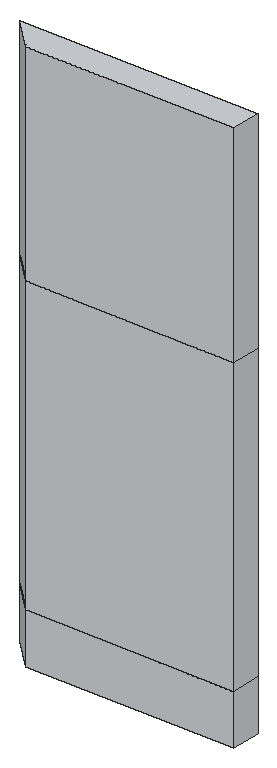
Revit family "EXP_WT-1C_CPan-017", category Curtain Panels, Revit 2021
Family settings
  OmniClass Number = 23.25.20.14.11.11.17
  OmniClass Title = Infill Panels
  Always vertical = Yes
  Cut with Voids When Loaded = No
  Shared = No
Parameters (values of type "H2 = 8'  5 1/2"")
  UI-UnitNumber [instance] = "01"
  UI-Quadrant [instance] = "SE"
  UI-ProjectAbbreviation = "NEU"
  UI-ItemCategory = "PID"
  UI-FloorNumber [instance] = "03"
  PNT-WallType = "WT1A"
  PNT-ProjectAbbreviation = "NEU"
  PNT-PanelType [instance] = "01"
  PNT-ItemCategory = "PNL"
  GlassH3 [instance] = none
  GlassH2 [instance] = none
  GlassH1 [instance] = none
  Define Thermal Properties by = Schematic Type
  CellSp = 0' - 10 3/16"
  CellL [instance] = 6' - 10"
  CellH3 [instance] = CellH - (CellH1 + CellH2)  # 1' - 5 1/2"
  CellH2 = 8' - 5 1/2"
  CellH1 = 6' - 0 1/2"
  CellH [instance] = 15' - 11 1/2"
  CellAngle = 45.00°
  Analytic Construction = "<None>"
Reference planes (in)
  plane 1 "Center (Front/Back)": y = 0
  plane 2: z = 0
  plane 3 "Center (Left/Right)": x = 0
  plane 4 "Left": x = -41
  plane 5 "Right": x = 41
  plane 6 "Top": z = 191.5
  plane 7: z = 119
  plane 8: y = -10.1875
  plane 9: z = 17.5
Forms (in)
  Extrusion 1, solid, material <- "GlassH3"
    sketch origin (0, 0, 0) x (1, 0, 0) y (0, 1, 0)
      loop
        line (41, 0) -> (-41, 0) -> (-30.8125, -10.1875) -> (41, -10.1875) -> (41, 0)
    from 0 to 17.5
  Extrusion 2, solid, material <- "GlassH2"
    sketch origin (0, 0, 0) x (1, 0, 0) y (0, 1, 0)
      loop
        line (41, 0) -> (-41, 0) -> (-30.8125, -10.1875) -> (41, -10.1875) -> (41, 0)
    from 17.5 to 119
  Extrusion 3, solid, material <- "GlassH1"
    sketch origin (0, 0, 0) x (1, 0, 0) y (0, 1, 0)
      loop
        line (41, 0) -> (-41, 0) -> (-30.8125, -10.1875) -> (41, -10.1875) -> (41, 0)
    from 119 to 191.5
Lines and regions (in)
  reference lines
    curve 1: line (-41, 0, 0) -> (4.25483, -45.25483, 0)
Text (in)
  text "Exterior" at (-92.59733, 55.75508, 0), in view "Ref. Level"
  text "Exterior" at (0, 90.18664, 173.49264), in view "Left"
  text "Exterior" at (0, 52.29083, 162.21847), in view "Right"
Dimensions and locks (in)
  equal spacing: plane 4 "Left", plane 3 "Center (Left/Right)", plane 5 "Right"  (x2)
  "CellH1": plane 7 to plane 6 "Top"
  "CellH2": plane 9 to plane 7
  "CellH": plane 2 to plane 6 "Top"
  "CellSp": plane 8 to plane 1 "Center (Front/Back)"
  "CellL": plane 4 "Left" to plane 5 "Right"
  "CellH3": plane 2 to plane 9
  "CellAngle": angle curve 1 to plane 1 "Center (Front/Back)"
  aligned and locked: level to plane 2
  aligned and locked: Extrusion 1 sketch curve to plane 1 "Center (Front/Back)"
  aligned and locked: Extrusion 1 sketch curve to plane 8
  aligned and locked: Extrusion 1 sketch curve to plane 5 "Right"
  aligned and locked: Extrusion 1 sketch curve to curve 1
  aligned and locked: plane 9 to Extrusion 1
  aligned and locked: Extrusion 1 to plane 2
  aligned and locked: Extrusion 2 sketch curve to plane 1 "Center (Front/Back)"
  aligned and locked: Extrusion 2 sketch curve to plane 8
  aligned and locked: Extrusion 2 sketch curve to plane 5 "Right"
  aligned and locked: Extrusion 2 sketch curve to curve 1
  aligned and locked: plane 7 to Extrusion 2
  aligned and locked: Extrusion 2 to plane 9
  aligned and locked: Extrusion 3 sketch curve to plane 1 "Center (Front/Back)"
  aligned and locked: Extrusion 3 sketch curve to plane 8
  aligned and locked: Extrusion 3 sketch curve to plane 5 "Right"
  aligned and locked: Extrusion 3 sketch curve to curve 1
  aligned and locked: Extrusion 3 to plane 6 "Top"
  aligned and locked: Extrusion 3 to plane 7
  aligned and locked: nested 1 to plane 4 "Left"
  aligned and locked: nested 1 to plane 5 "Right"
  aligned and locked: nested 2 to Extrusion 3
  aligned and locked: nested 2 to level
  aligned and locked: plane 6 "Top" to nested 2
  aligned and locked: plane 1 "Center (Front/Back)" to nested 3
  aligned and locked: plane 2 to Extrusion 1
  aligned and locked: nested 3 to plane 6 "Top"
  aligned and locked: plane 4 "Left" to nested 3
  aligned and locked: plane 5 "Right" to nested 3
Automatic sketch dimensions
  plane 1 "Center (Front/Back)" to curve 1 = 0' - 0"
  curve 1 to plane 4 "Left" = 0' - 0"
Nested families (in)
  nested 1: "EXP_WT-1A_DetO-002" at (-41, 0, 0), CellAngle <- "CellAngle", type "EXP_WT-1A_DetO-002"
    with built-in parameter 1001306 6.8333 (stored number, unit not read), CellAngle 45.00°
  nested 2: "EXP_WT-1A_DetO-004" at (0, 0, 191.5) x (0, 0, -1) z (1, 0, 0), CellH1 <- "CellH1", CellH2 <- "CellH2", type "EXP_WT-1A_DetO-004"
    with built-in parameter 1001306 15.958 (stored number, unit not read), CellH2 8' - 5 1/2", CellH1 6' - 0 1/2"
  nested 3: "EXP_xx_DetO-002" at (0, 0, 0), CellH <- "CellH", CellL <- "CellL", type "EXP_xx_DetO-002", detail levels coarse
    with CellL 6' - 10", CellH 15' - 11 1/2"
Definition of nested family "EXP_WT-1A_DetO-002"
  Parameters (values of type "EXP_WT-1A_DetO-002")
    built-in parameter 1001306 [instance] = 5' - 2.99213"
    CellAngle [instance] = 45.00°
  Reference planes (in)
    plane 1 "Center (Front/Back)": y = 0
    plane 2: z = 0
    plane 3 "Left": x = 0
    plane 4 "Right": x = 62.99213
  Lines and regions (in)
    reference lines, in view "Ref. Level"
      curve 1: line (0, 0, 0) -> (62.99213, 0, 0)
      curve 17: line (0, 0, 0) -> (16.97056, -16.97056, 0)
    detail lines, in view "Ref. Level"
      curve 2: line (-0.30429, 0, 0) -> (-0.00849, 0, 0)
      curve 3: line (-0.30429, 0, 0) -> (-0.00849, 0, 0)
      curve 4: line (62.99213, -0.81795, 0) -> (62.99213, -10.1875, 0)
      curve 5: line (62.99213, -10.1875, 0) -> (60.99213, -10.1875, 0)
      curve 6: line (60.99213, -10.1875, 0) -> (60.99213, -2.43678, 0)
      curve 7: line (60.99213, -2.43678, 0) -> (62.44632, -2.43678, 0)
      curve 8: line (62.44632, -2.43678, 0) -> (62.44632, 0, 0)
      curve 9: line (62.44632, 0, 0) -> (62.74213, 0, 0)
      curve 10: line (62.74213, 0, 0) -> (62.74213, -0.81795, 0)
      curve 11: line (62.99213, -0.81795, 0) -> (62.74213, -0.81795, 0)
      curve 12: line (-0.30429, 0, 0) -> (-0.00849, 0, 0)
      curve 13: line (2.83381, 0, 0) -> (62.04971, 0, 0)
      curve 14: line (2.83381, -1.31, 0) -> (2.83381, 0, 0)
      curve 15: line (2.83381, -1.31, 0) -> (62.04971, -1.31, 0)
      curve 16: line (62.04971, -1.31, 0) -> (62.04971, 0, 0)
      curve 18: line (2.35972, -2.35972, 0) -> (10.125, -10.1875, 0)
      curve 19: line (12.59763, -10.1875, 0) -> (10.125, -10.1875, 0)
      curve 20: line (4.3571, -1.88308, 0) -> (12.59763, -10.1875, 0)
      curve 21: line (2.8356, -1.88308, 0) -> (4.3571, -1.88308, 0)
      curve 22: line (2.35972, -2.35972, 0) -> (2.8356, -1.88308, 0)
  Dimensions and locks (in)
    "built-in parameter 1001306": plane 3 "Left" to plane 4 "Right"
    "CellAngle": angle curve 17 to plane 1 "Center (Front/Back)"
    aligned and locked: plane 1 "Center (Front/Back)" to curve 1
    aligned and locked: plane 3 "Left" to curve 1
    aligned and locked: plane 4 "Right" to curve 1
    aligned and locked: curve 4 to plane 4 "Right"
    aligned and locked: curve 12 to curve 1
    aligned and locked: curve 1 to curve 13
    aligned and locked: curve 5 to curve 19
  Automatic sketch dimensions
    plane 1 "Center (Front/Back)" to curve 9 = 0' - 0"
    curve 2 to curve 2 = 0' - 0.2958"
    curve 7 to plane 4 "Right" = 0' - 2"
    curve 9 to plane 4 "Right" = 0' - 0.5458"
    curve 10 to curve 4 = 0' - 0 1/4"
    plane 1 "Center (Front/Back)" to curve 4 = 0' - 0.81795"
    curve 7 to curve 10 = 0' - 1.61883"
    curve 16 to curve 10 = 0' - 0.69242"
    curve 16 to curve 10 = 0' - 0.49205"
    curve 3 to curve 13 = 0' - 2.8423"
    curve 14 to curve 20 = 0' - 1.52329"
    curve 19 to curve 20 = 0' - 2.47263"
    curve 14 to curve 21 = 0' - 0.00179"
    curve 22 to curve 22 = 0' - 0.47588"
    curve 22 to curve 22 = 0' - 0.47664"
    plane 1 "Center (Front/Back)" to curve 21 = 0' - 1.88308"
    plane 3 "Left" to curve 20 = 1' - 0.59763"
    plane 3 "Left" to curve 21 = 0' - 4.3571"
    curve 5 to curve 6 = 0' - 7.75072"
Definition of nested family "EXP_WT-1A_DetO-004"
  Parameters (values of type "EXP_WT-1A_DetO-004")
    built-in parameter 1001306 [instance] = 12' - 11"
    CellH2 [instance] = 5' - 8"
    CellH1 [instance] = 3' - 3"
    CellH [instance] = 12' - 11"
  Reference planes (in)
    plane 1 "Center (Front/Back)": y = 0
    plane 2: z = 0
    plane 3 "Left": x = 0
    plane 4 "Right": x = 155
    plane 5: x = 39
    plane 6: x = 107
  Lines and regions (in)
    reference lines, in view "Ref. Level"
      curve 1: line (0, 0, 0) -> (155, 0, 0)
    detail lines, in view "Ref. Level"
      curve 2: line (37.25001, -10.1875, 0) -> (37.25001, -2.41263, 0)
      curve 3: line (37.25001, -2.41263, 0) -> (40.74999, -2.41263, 0)
      curve 4: line (40.74999, -2.41263, 0) -> (40.74999, -10.1875, 0)
      curve 5: line (40.74999, -10.1875, 0) -> (37.25001, -10.1875, 0)
      curve 6: line (39.27639, -2.185, 0) -> (39.27639, 0, 0)
      curve 7: line (39.27639, 0, 0) -> (106.72361, 0, 0)
      curve 8: line (106.72361, -2.185, 0) -> (39.27639, -2.185, 0)
      curve 9: line (38.52639, -1.31, 0) -> (38.52639, 0, 0)
      curve 10: line (38.52639, 0, 0) -> (1.19241, 0, 0)
      curve 11: line (38.52639, -1.31, 0) -> (1.19241, -1.31, 0)
      curve 12: line (0, -10.1875, 0) -> (2.125, -10.1875, 0)
      curve 13: line (0, -0.81812, 0) -> (0, -10.1875, 0)
      curve 14: line (0.5, 0, 0) -> (0.5, -0.81812, 0)
      curve 15: line (0.5, 0, 0) -> (0.7958, 0, 0)
      curve 16: line (0, -0.81812, 0) -> (0.5, -0.81812, 0)
      curve 17: line (0.7958, -2.43676, 0) -> (0.7958, 0, 0)
      curve 18: line (2.125, -2.43676, 0) -> (0.7958, -2.43676, 0)
      curve 19: line (2.125, -10.1875, 0) -> (2.125, -2.43676, 0)
      curve 20: line (1.19241, -1.31, 0) -> (1.19241, 0, 0)
      curve 21: line (155, 60, 0) -> (155, -10.1875, 0)
      curve 22: line (155, -10.1875, 0) -> (151.625, -10.1875, 0)
      curve 23: line (151.625, -10.1875, 0) -> (151.625, -2.43679, 0)
      curve 24: line (151.625, -2.43679, 0) -> (154.2042, -2.43679, 0)
      curve 25: line (154.2042, -2.43679, 0) -> (154.2042, 0, 0)
      curve 26: line (154.5, 0, 0) -> (154.5, -0.81812, 0)
      curve 27: line (154.2042, 0, 0) -> (154.5, 0, 0)
      curve 28: line (155, -0.81812, 0) -> (154.5, -0.81812, 0)
      curve 29: line (155, -0.81812, 0) -> (155, -10.1875, 0)
      curve 30: line (153.80789, -1.31, 0) -> (153.80789, 0, 0)
      curve 31: line (105.25001, -10.1875, 0) -> (108.74999, -10.1875, 0)
      curve 32: line (105.25001, -2.41263, 0) -> (105.25001, -10.1875, 0)
      curve 33: line (108.74999, -10.1875, 0) -> (108.74999, -2.41263, 0)
      curve 34: line (108.74999, -2.41263, 0) -> (105.25001, -2.41263, 0)
      curve 35: line (106.72361, -2.185, 0) -> (106.72361, 0, 0)
      curve 36: line (107.47361, -1.31, 0) -> (153.80789, -1.31, 0)
      curve 37: line (107.47361, -1.31, 0) -> (107.47361, 0, 0)
      curve 38: line (153.80789, 0, 0) -> (107.47361, 0, 0)
  Dimensions and locks (in)
    "built-in parameter 1001306": plane 3 "Left" to plane 4 "Right"
    "CellH": plane 3 "Left" to plane 4 "Right"
    "CellH1": plane 3 "Left" to plane 5
    "CellH2": plane 5 to plane 6
    aligned and locked: plane 1 "Center (Front/Back)" to curve 1
    aligned and locked: plane 3 "Left" to curve 1
    aligned and locked: plane 4 "Right" to curve 1
    aligned and locked: curve 1 to curve 7
    aligned and locked: curve 10 to plane 1 "Center (Front/Back)"
    aligned and locked: curve 13 to plane 3 "Left"
    aligned and locked: curve 1 to curve 15
    aligned and locked: curve 21 to plane 4 "Right"
    aligned and locked: curve 29 to plane 4 "Right"
    aligned and locked: curve 38 to curve 7
    aligned and locked: curve 5 to curve 12
    aligned and locked: curve 5 to curve 31
    aligned and locked: curve 22 to curve 31
  Automatic sketch dimensions
    plane 5 to curve 3 = 0' - 1 3/4"
    plane 1 "Center (Front/Back)" to curve 3 = 0' - 2.41263"
    curve 5 to plane 5 = 0' - 1 3/4"
    plane 5 to curve 6 = 0' - 0.27639"
    curve 6 to curve 6 = 0' - 2.185"
    curve 9 to plane 5 = 0' - 0.47361"
    plane 1 "Center (Front/Back)" to curve 13 = 0' - 0.81812"
    plane 3 "Left" to curve 14 = 0' - 0 1/2"
    curve 14 to curve 17 = 0' - 0.2958"
    curve 17 to curve 18 = 0' - 1.3292"
    curve 18 to curve 14 = 0' - 1.61864"
    curve 14 to curve 20 = 0' - 0.69242"
    curve 20 to curve 14 = 0' - 0.49188"
    curve 21 to plane 1 "Center (Front/Back)" = 5' - 0"
    curve 24 to curve 24 = 0' - 2.5792"
    plane 1 "Center (Front/Back)" to curve 27 = 0' - 0"
    curve 25 to curve 26 = 0' - 0.2958"
    curve 28 to curve 28 = 0' - 0 1/2"
    curve 30 to curve 24 = 0' - 0.39631"
    curve 24 to curve 30 = 0' - 1.12679"
    plane 1 "Center (Front/Back)" to curve 26 = 0' - 0.81812"
    curve 32 to plane 6 = 0' - 1 3/4"
    plane 6 to curve 31 = 0' - 1 3/4"
    plane 1 "Center (Front/Back)" to curve 33 = 0' - 2.41263"
    curve 35 to plane 6 = 0' - 0.27639"
    curve 36 to curve 37 = 0' - 1.31"
    plane 6 to curve 38 = 0' - 0.47361"
    curve 21 to curve 24 = 0' - 7.75071"
Definition of nested family "EXP_xx_DetO-002"
  Parameters (values of type "EXP_xx_DetO-002")
    Default Elevation = 0' - 0"
    CellL [instance] = 5' - 4.56693"
    CellH [instance] = 5' - 2.99213"
  Reference planes (in)
    plane 1 "Center (Front/Back)": y = 0
    plane 2: z = 0
    plane 3 "Center (Left/Right)": x = 0
    plane 4: x = -32.28346
    plane 5: x = 32.28346
    plane 6: z = 62.99213
  Lines and regions (in)
    model lines
      curve 1: line (-32.28346, 0, 62.99213) -> (32.28346, 0, 0)
      curve 2: line (32.28346, 0, 62.99213) -> (-32.28346, 0, 0)
  Dimensions and locks (in)
    "CellH": plane 6 to level
    equal spacing: plane 4, plane 3 "Center (Left/Right)", plane 5
    "CellL": plane 4 to plane 5
    aligned and locked: level to plane 2
  Automatic sketch dimensions
    curve 2 to level = 0' - 0"
    plane 4 to curve 2 = 0' - 0"
    plane 4 to curve 1 = 0' - 0"
    plane 5 to curve 2 = 0' - 0"
    curve 1 to level = 0' - 0"
    plane 5 to curve 1 = 0' - 0"
    curve 2 to plane 6 = 0' - 0"
    curve 1 to plane 6 = 0' - 0"
